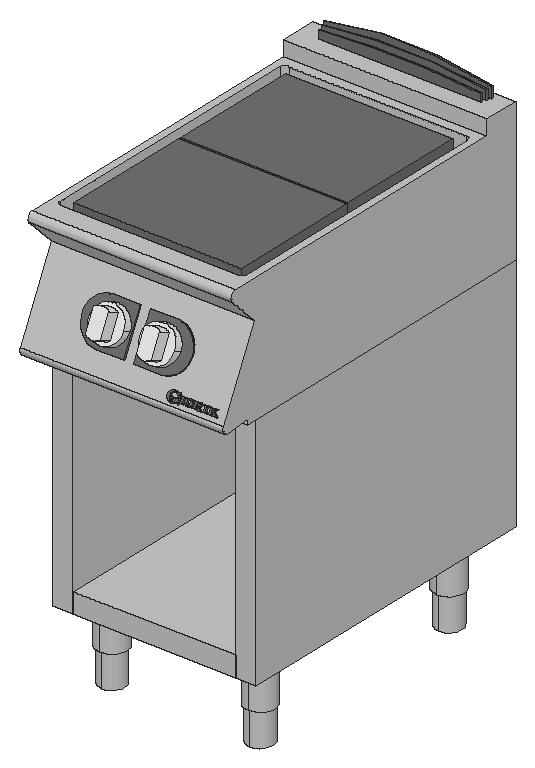
Revit family "QF_GIORIK_TE720G", category Specialty Equipment, Revit 2014
Parameters (values of type "TE720G")
  Weight in Pounds = 187.3927
  Watts = 4000 W
  Volts = 230 V
  URL Cutsheet = "www.giorik.com"
  URL = "www.giorik.com"
  Status [instance] = ""
  Specification by User [instance] = ""
  Specification by Manufacturer = ""
  Show Logo [instance] = yes
  Show Clearance [instance] = yes
  Serial Number = ""
  Seismic Rating = ""
  SMACNA No = ""
  Revision Code [instance] = ""
  Phase = 1
  Number of Poles [instance] = 1
  NAFEM Spec ID Number = ""
  Model = "TE720G"
  Min Ckt Ampacity = 0 A
  Max Overcurrent Protection = 0 A
  Masterspec = ""
  Manufacturer = "GIORIK"
  Item Number [instance] = ""
  Installed By [instance] = ""
  Identify Quantity as Lot [instance] = no
  HP = "5.364080000000"
  Furnished By [instance] = ""
  Foodservice Equipment Identifier [instance] = yes
  FL Amps = 0 A
  Electrical Remarks [instance] = ""
  Electric Connection Type [instance] = ""
  Elec Conn RI Height [instance] = 0 mm
  Elec Conn Connection Height [instance] = 150 mm
  Description = "GAS SOLID TOP HOB ON OPEN BASE UNIT"
  Cycle = 50 Hz
  Conn Plug = ""
  CSI MasterFormat = ""
  Assembly Code = "E1090320"
  Apparent Power = 4000 VA
Reference planes
  plane 1 "Back": y = 0
  plane 2: z = 0
  plane 3 "Left": x = 0
  plane 4 "Right": x = 400
  plane 5 "Front": y = -720
  plane 6 "Top": z = 900
Forms (mm)
  Extrusion 1, solid, visible <- "Show Logo"
    sketch origin (191.604, -736.761, 609.486) x (-1, 0, 0) y (0, 0.452718, 0.891654)
      loop
        line (-118.824, 58.358) -> (-127.804, 58.358) -> (-125.523, 56.445) -> (-125.523, 48.027) -> (-127.804, 46.113) -> (-118.824, 46.113) -> (-121.105, 48.027) -> (-121.105, 56.445) -> (-118.824, 58.358)
      loop
        line (-163.721, 58.358) -> (-172.7, 58.358) -> (-170.42, 56.445) -> (-170.42, 48.027) -> (-172.7, 46.113) -> (-163.721, 46.113) -> (-166.001, 48.027) -> (-166.001, 56.445) -> (-163.721, 58.358)
      loop
        line (-174.332, 58.358) -> (-183.312, 58.358) -> (-181.031, 56.445) -> (-181.031, 52.435) -> (-186.419, 56.955) -> (-184.416, 58.358) -> (-191.268, 58.358) -> (-188.01, 56.839) -> (-185.455, 54.283) -> (-190.846, 47.858) -> (-193.396, 46.93) -> (-193.396, 46.113) -> (-184.416, 46.113) -> (-185.437, 47.571) -> (-182.443, 51.552) -> (-181.031, 50.894) -> (-181.031, 48.027) -> (-183.312, 46.113) -> (-174.332, 46.113) -> (-176.613, 48.027) -> (-176.613, 56.445) -> (-174.332, 58.358)
      loop
        line (-115.429, 62.063) -> (-115.429, 54.198)
        arc (-115.429, 54.198) -> (-111.618, 57.803) -> (-106.847, 59.986) r 16.039
        arc (-106.847, 59.986) -> (-103.314, 59.837) -> (-100.512, 57.68) r 5.851
        arc (-100.512, 57.68) -> (-98.815, 52.267) -> (-100.512, 46.853) r 9.479
        arc (-100.512, 46.853) -> (-102.406, 44.986) -> (-104.846, 43.93) r 7.236
        arc (-104.846, 43.93) -> (-107.728, 44.111) -> (-110.052, 45.825) r 5.11
        line (-110.052, 45.825) -> (-110.052, 52.001) -> (-116.141, 52.001) -> (-116.141, 45.503) -> (-117.893, 43.751) -> (-114.094, 44.769)
        arc (-114.094, 44.769) -> (-112.56, 44.947) -> (-111.129, 44.366) r 3.115
        arc (-111.129, 44.366) -> (-104.216, 42.091) -> (-97.303, 44.366) r 11.641
        arc (-97.303, 44.366) -> (-93.396, 52.107) -> (-97.303, 59.849) r 9.622
        arc (-97.303, 59.849) -> (-104.369, 62.174) -> (-111.435, 59.849) r 11.898
        line (-111.435, 59.849) -> (-115.429, 62.063)
      loop
        arc (-129.234, 56.068) -> (-135.893, 58.628) -> (-142.552, 56.068) r 9.941
        arc (-142.552, 56.068) -> (-144.234, 52.286) -> (-142.552, 48.505) r 5.093
        arc (-142.552, 48.505) -> (-135.893, 45.945) -> (-129.234, 48.505) r 9.941
        arc (-129.234, 48.505) -> (-127.552, 52.286) -> (-129.234, 56.068) r 5.093
      loop
        arc (-132.628, 54.403) -> (-135.893, 57.668) -> (-139.158, 54.403) r 3.265
        line (-139.158, 54.403) -> (-139.158, 50.169)
        arc (-139.158, 50.169) -> (-135.893, 46.904) -> (-132.628, 50.169) r 3.265
        line (-132.628, 50.169) -> (-132.628, 54.403)
      loop
        arc (-156.363, 58.365) -> (-159.647, 55.081) -> (-156.363, 51.796) r 3.285
        line (-156.363, 51.796) -> (-159.529, 47.306) -> (-162.087, 46.113) -> (-155.847, 46.113) -> (-153.529, 51.083) -> (-150.637, 51.083) -> (-150.637, 47.784) -> (-153.022, 46.113) -> (-144.011, 46.113) -> (-146.094, 47.68) -> (-146.094, 56.493) -> (-144.229, 58.365) -> (-156.363, 58.365)
      loop
        line (-150.637, 57.512) -> (-153.637, 57.512)
        arc (-153.637, 57.512) -> (-156.237, 54.912) -> (-153.637, 52.312) r 2.6
        line (-153.637, 52.312) -> (-150.637, 52.312) -> (-150.637, 57.512)
      loop
        line (-108.924, 52.001) -> (-104.936, 49.005) -> (-100.948, 52.001) -> (-108.924, 52.001)
    from 1.5 to -0.5
  Extrusion 2, solid
    sketch origin (-16, 1025.81, 0) x (1, 0, 0) y (0, 1, 0)
      loop
        line (25, -1086.81) -> (25, -1156.81) -> (115, -1156.81) -> (115, -1086.81) -> (25, -1086.81)
    from 148 to 150
  Extrusion 3, solid
    sketch origin (-4, 0, 130) x (1, 0, 0) y (0, 1, 0)
      loop
        circle (54, -385) r 12.5
    from 0 to 20
  Extrusion 4, solid
    sketch origin (0, 1000, -20) x (0, 1, 0) y (0, 0, 1)
      loop
        line (-1000, 919.988) -> (-1070, 919.988) -> (-1070, 889.988) -> (-1688.806, 889.988)
        arc (-1688.806, 889.988) -> (-1699.151, 883.075) -> (-1696.724, 870.873) r 11.197
        line (-1696.724, 870.873) -> (-1640.876, 815.025) -> (-1718.948, 661.258)
        arc (-1718.948, 661.258) -> (-1718.233, 650.105) -> (-1708.118, 645.354) r 10.981
        line (-1708.118, 645.354) -> (-1660, 649.925) -> (-1660, 640) -> (-1000, 640) -> (-1000, 919.988)
    from 0 to 400
  Extrusion 5, solid
    sketch origin (0, 0, 599.536) x (1, 0, 0) y (0, 1, 0)
      loop
        line (0, -640) -> (40, -640) -> (40, -40) -> (360, -40) -> (360, -640) -> (400, -640) -> (400, 0) -> (0, 0) -> (0, -640)
    from -449.536 to 20.464
  Extrusion 6, solid
    sketch origin (0, 0, 0) x (1, 0, 0) y (0, 1, 0)
      loop
        line (40, -40) -> (40, -640) -> (360, -640) -> (360, -40) -> (40, -40)
    from 150 to 190
  Extrusion 7, solid
    sketch origin (-16, 560.81, 0) x (1, 0, 0) y (0, 1, 0)
      loop
        line (25, -1086.81) -> (25, -1156.81) -> (115, -1156.81) -> (115, -1086.81) -> (25, -1086.81)
    from 148 to 150
  Revolve 8, solid
    sketch origin (54, 560.81, 0) x (0, 1, 0) y (0, 0, 1)
      loop
        line (-1092.56, 66) -> (-1092.56, 148) -> (-1121.81, 148) -> (-1121.81, 0) -> (-1096.81, 0) -> (-1096.81, 66) -> (-1092.56, 66)
      axis (-1121.81, 0) -> (-1121.81, 148)
    angle from 0 to 360
  Revolve 9, solid
    sketch origin (54, 1025.81, 0) x (0, 1, 0) y (0, 0, 1)
      loop
        line (-1092.56, 66) -> (-1092.56, 148) -> (-1121.81, 148) -> (-1121.81, 0) -> (-1096.81, 0) -> (-1096.81, 66) -> (-1092.56, 66)
      axis (-1121.81, 0) -> (-1121.81, 148)
    angle from 0 to 360
  Extrusion 10, solid
    sketch origin (416, 560.81, 0) x (-1, 0, 0) y (0, -1, 0)
      loop
        line (25, 1086.81) -> (115, 1086.81) -> (115, 1156.81) -> (25, 1156.81) -> (25, 1086.81)
    from 148 to 150
  Revolve 11, solid
    sketch origin (346, 560.81, 0) x (0, 1, 0) y (0, 0, -1)
      loop
        line (-1092.56, -66) -> (-1096.81, -66) -> (-1096.81, 0) -> (-1121.81, 0) -> (-1121.81, -148) -> (-1092.56, -148) -> (-1092.56, -66)
      axis (-1121.81, 0) -> (-1121.81, -148)
    angle from 0 to 360
  Extrusion 12, void
    sketch origin (402.225, 0, 900) x (0, 1, 0) y (-1, 0, 0)
      loop
        line (-90, 27.225) -> (-90, 377.225)
        arc (-90, 377.225) -> (-92.929, 384.296) -> (-100, 387.225) r 10
        line (-100, 387.225) -> (-640.565, 387.225)
        arc (-640.565, 387.225) -> (-647.636, 384.296) -> (-650.565, 377.225) r 10
        line (-650.565, 377.225) -> (-650.565, 27.225)
        arc (-650.565, 27.225) -> (-647.636, 20.154) -> (-640.565, 17.225) r 10
        line (-640.565, 17.225) -> (-100, 17.225)
        arc (-100, 17.225) -> (-92.929, 20.154) -> (-90, 27.225) r 10
    from -30.012 to -70.012
  Extrusion 13, solid
    sketch origin (416, -1217.81, 0) x (-1, 0, 0) y (0, -1, 0)
      loop
        line (25, -1086.81) -> (25, -1156.81) -> (115, -1156.81) -> (115, -1086.81) -> (25, -1086.81)
    from 148 to 150
  Revolve 14, solid
    sketch origin (346, -1217.81, 0) x (0, -1, 0) y (0, 0, 1)
      loop
        line (-1092.56, 66) -> (-1092.56, 148) -> (-1121.81, 148) -> (-1121.81, 0) -> (-1096.81, 0) -> (-1096.81, 66) -> (-1092.56, 66)
      axis (-1121.81, 0) -> (-1121.81, 148)
    angle from 0 to 360
  Extrusion 15, solid
    sketch origin (-397.775, 0, 829.988) x (0, 1, 0) y (-1, 0, 0)
      loop
        line (-372.065, -762.776) -> (-372.065, -432.775) -> (-630.565, -432.775) -> (-630.565, -762.776) -> (-372.065, -762.776)
    from 0 to 40
  Extrusion 16, solid
    sketch origin (-273.221, -963.345, 52.363) x (1, 0, 0) y (0, 0.452718, 0.891654)
      loop
        line (463.221, 676.25) -> (463.221, 766.25) -> (409.698, 766.25)
        arc (409.698, 766.25) -> (364.698, 721.25) -> (409.698, 676.25) r 45
        line (409.698, 676.25) -> (463.221, 676.25)
    from 48 to 50
  Extrusion 17, solid
    sketch origin (501.331, -1008.697, 74.959) x (-1, 0, 0) y (0, -0.45351, -0.891251)
      loop
        circle (351.331, -721.346) r 35
    from 0 to 15
  Extrusion 18, solid
    sketch origin (501.331, -1008.697, 74.959) x (-1, 0, 0) y (0, -0.45351, -0.891251)
      loop
        arc (336.331, -743.846) -> (351.331, -748.846) -> (366.331, -743.846) r 25
        line (366.331, -743.846) -> (366.331, -698.846)
        arc (366.331, -698.846) -> (351.331, -693.846) -> (336.331, -698.846) r 25
        line (336.331, -698.846) -> (336.331, -743.846)
    from 15 to 40
  Extrusion 19, solid
    sketch origin (-94, 0, -10.001) x (1, 0, 0) y (0, 0, 1)
      loop
        line (135, 909.989) -> (453, 909.989) -> (453, 925.527) -> (347.056, 931.749) -> (240.944, 931.749) -> (135, 925.527) -> (135, 909.989)
    from 32 to 35
  Extrusion 20, solid
    sketch origin (-92, 10, -10.001) x (1, 0, 0) y (0, 0, 1)
      loop
        line (454, 909.989) -> (454, 928.527) -> (346.162, 939.193) -> (237.838, 939.193) -> (130, 928.527) -> (130, 909.989) -> (454, 909.989)
    from 32 to 35
  Extrusion 21, solid
    sketch origin (-90, 20, -10.001) x (1, 0, 0) y (0, 0, 1)
      loop
        line (455, 909.989) -> (455, 930.527) -> (345.396, 947.413) -> (234.604, 947.413) -> (125, 930.527) -> (125, 909.989) -> (455, 909.989)
    from 32 to 35
  Extrusion 22, solid
    sketch origin (-397.775, -740.565, 829.988) x (0, -1, 0) y (1, 0, 0)
      loop
        line (-372.065, 762.776) -> (-630.565, 762.776) -> (-630.565, 432.775) -> (-372.065, 432.775) -> (-372.065, 762.776)
    from 0 to 40
  Extrusion 23, solid
    sketch origin (673.255, -963.345, 52.363) x (-1, 0, 0) y (0, -0.452718, -0.891654)
      loop
        line (463.221, -676.25) -> (409.698, -676.25)
        arc (409.698, -676.25) -> (364.698, -721.25) -> (409.698, -766.25) r 45
        line (409.698, -766.25) -> (463.221, -766.25) -> (463.221, -676.25)
    from 48 to 50
  Extrusion 24, solid
    sketch origin (-101.297, -1008.697, 74.959) x (1, 0, 0) y (0, 0.45351, 0.891251)
      loop
        circle (351.331, 721.346) r 35
    from 0 to 15
  Extrusion 25, solid
    sketch origin (-101.297, -1008.697, 74.959) x (1, 0, 0) y (0, 0.45351, 0.891251)
      loop
        line (336.331, 743.846) -> (336.331, 698.846)
        arc (336.331, 698.846) -> (351.331, 693.846) -> (366.331, 698.846) r 25
        line (366.331, 698.846) -> (366.331, 743.846)
        arc (366.331, 743.846) -> (351.331, 748.846) -> (336.331, 743.846) r 25
    from 15 to 40
Cuts and joins
  Extrusion 12 cuts Extrusion 4
Lines and regions (mm)
  symbolic lines, style "200-EquipBorder-2D"
    curve 1: line (0, -720, 0) -> (400, -720, 0)
    curve 2: line (400, -720, 0) -> (400, 0, 0)
    curve 3: line (400, 0, 0) -> (0, 0, 0)
    curve 4: line (0, 0, 0) -> (0, -720, 0)
  symbolic lines, style "200-EquipInternal-2D"
    curve 5: line (0, -70, 900) -> (400, -70, 900)
    curve 6: line (15, -100, 900) -> (15, -640.565, 900)
    curve 7: arc (25, -90, 900) -> (17.929, -92.929, 900) -> (15, -100, 900) r 10
    curve 8: line (375, -90, 900) -> (25, -90, 900)
    curve 9: line (365.001, -110, 900) -> (35, -110, 900)
    curve 10: arc (385, -100, 900) -> (382.071, -92.929, 900) -> (375, -90, 900) r 10
    curve 11: line (385, -640.565, 900) -> (385, -100, 900)
    curve 12: arc (375, -650.565, 900) -> (382.071, -647.636, 900) -> (385, -640.565, 900) r 10
    curve 13: line (25, -650.565, 900) -> (375, -650.565, 900)
    curve 14: arc (15, -640.565, 900) -> (17.929, -647.636, 900) -> (25, -650.565, 900) r 10
    curve 15: line (35, -12, 900) -> (365, -12, 900)
    curve 16: line (365, -12, 900) -> (365, -15, 900)
    curve 17: line (365, -15, 900) -> (35, -15, 900)
    curve 18: line (35, -15, 900) -> (35, -12, 900)
    curve 19: line (38, -22, 900) -> (362, -22, 900)
    curve 20: line (362, -22, 900) -> (362, -25, 900)
    curve 21: line (362, -25, 900) -> (38, -25, 900)
    curve 22: line (38, -25, 900) -> (38, -22, 900)
    curve 23: line (41, -32, 900) -> (359, -32, 900)
    curve 24: line (359, -32, 900) -> (359, -35, 900)
    curve 25: line (359, -35, 900) -> (41, -35, 900)
    curve 26: line (41, -35, 900) -> (41, -32, 900)
    curve 27: line (35, -110, 900) -> (35, -368.5, 900)
    curve 28: line (35, -368.5, 900) -> (365.001, -368.5, 900)
    curve 29: line (365.001, -368.5, 900) -> (365.001, -110, 900)
    curve 30: line (365.001, -372.065, 900) -> (35, -372.065, 900)
    curve 31: line (365.001, -630.565, 900) -> (365.001, -372.065, 900)
    curve 32: line (35, -372.065, 900) -> (35, -630.565, 900)
    curve 33: line (35, -630.565, 900) -> (365.001, -630.565, 900)
Dimensions and locks
  plane 3 "Left" to plane 4 "Right" = 400 mm
  plane 5 "Front" to plane 1 "Back" = 720 mm
  plane 4 "Right" to plane 3 "Left" = 400 mm
  plane 1 "Back" to plane 5 "Front" = 720 mm
  plane 6 "Top" to level = 900 mm  (x2)
  aligned and locked: level to plane 2
Connectors
  electrical at (50, -385, 130), driven by "Apparent Power", driven by "Volts", driven by "Number of Poles"
    settings: on Extrusion 3, index 1, voltage 230 V, apparent load 0 VA, apparent load phase1 4000 VA, apparent load phase2 0 VA, apparent load phase3 0 VA, power factor 1, load classification "Other", number of poles 1, system type 31, power factor state 1, is connector primary yes, connector utility no, sub classification motor no, connector description "Electrical connection"
